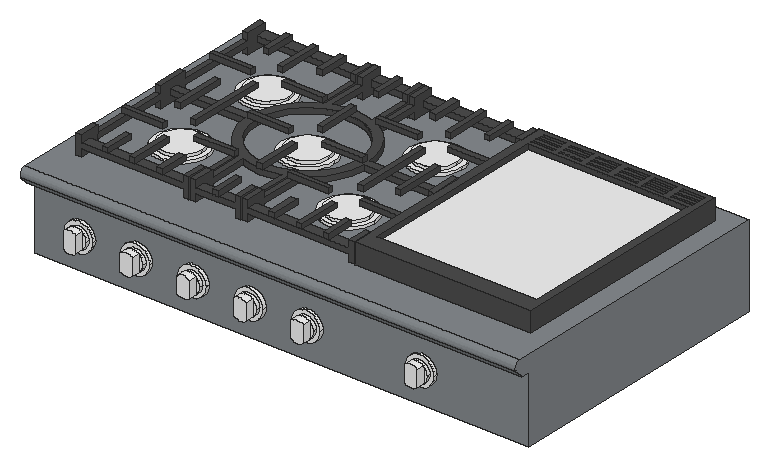
Revit family "DCS_SDA_Data_Sheet_CPV2-485_Cooktop_ISSUE1 METRIC", category Specialty Equipment, Revit 2015
Parameters
  URL = "www.yepsketch.com"
  Model = "DCS_SDA_Data_Sheet_CPV2-485_Cooktop_ISSUE1"
  Manufacturer = "Fisher & Paykel"
  Description = "D20 20000"
  Author = "Yepsketch"
Reference planes (m)
  plane 1 "Center (Front/Back)": y = 0
  plane 2: z = 0
  plane 3 "Center (Left/Right)": x = 0
  plane 4: x = 1.216025
  plane 5: y = 0.714375
  plane 6: z = 0.2032
  plane 7: z = 0.252413
Forms (m)
  Extrusion 1, solid, material "gray"
    sketch origin (0, 0, 0) x (1, 0, 0) y (0, 1, 0)
      loop
        line (0, 0.714375) -> (0, 0.041275) -> (1.216025, 0.041275) -> (1.216025, 0.714375) -> (0, 0.714375)
    from 0 to 0.2032
  Extrusion 2, solid, material "gray"
    sketch origin (0, 0.041275, 0) x (0, 1, 0) y (0, 0, 1)
      loop
        line (0, 0.2032) -> (-0.028575, 0.2032)
        arc (-0.028575, 0.2032) -> (-0.041275, 0.195868) -> (-0.041275, 0.181203) r 0.014665
        line (-0.041275, 0.181203) -> (-0.021999, 0.161927) -> (0, 0.161927) -> (0, 0.2032)
    from 0 to 1.216025
  Extrusion 3, solid, material "black"
    sketch origin (0, 0, 0) x (1, 0, 0) y (0, 1, 0)
      loop
        line (0.735753, 0.671793) -> (0.735753, 0.106643) -> (1.167553, 0.106643) -> (1.167553, 0.671793) -> (0.735753, 0.671793)
      loop
        line (0.755356, 0.613251) -> (0.755356, 0.149701) -> (1.149056, 0.149701) -> (1.149056, 0.613251) -> (0.755356, 0.613251)
      loop
        line (0.755356, 0.660843) -> (0.755356, 0.652282) -> (0.809873, 0.652282) -> (0.809873, 0.660843) -> (0.755356, 0.660843)
      loop
        line (0.755356, 0.645293) -> (0.755356, 0.637431) -> (0.809873, 0.637431) -> (0.809873, 0.645293) -> (0.755356, 0.645293)
      loop
        line (0.755356, 0.630093) -> (0.755356, 0.622406) -> (0.809873, 0.622406) -> (0.809873, 0.630093) -> (0.755356, 0.630093)
      loop
        line (0.891693, 0.660843) -> (0.891693, 0.652282) -> (0.94621, 0.652282) -> (0.94621, 0.660843) -> (0.891693, 0.660843)
      loop
        line (0.891693, 0.645293) -> (0.891693, 0.637431) -> (0.94621, 0.637431) -> (0.94621, 0.645293) -> (0.891693, 0.645293)
      loop
        line (0.891693, 0.630093) -> (0.891693, 0.622406) -> (0.94621, 0.622406) -> (0.94621, 0.630093) -> (0.891693, 0.630093)
      loop
        line (0.961543, 0.660843) -> (0.961543, 0.652282) -> (1.01606, 0.652282) -> (1.01606, 0.660843) -> (0.961543, 0.660843)
      loop
        line (0.961543, 0.645293) -> (0.961543, 0.637431) -> (1.01606, 0.637431) -> (1.01606, 0.645293) -> (0.961543, 0.645293)
      loop
        line (0.961543, 0.630093) -> (0.961543, 0.622406) -> (1.01606, 0.622406) -> (1.01606, 0.630093) -> (0.961543, 0.630093)
      loop
        line (1.028318, 0.660843) -> (1.028318, 0.652282) -> (1.082835, 0.652282) -> (1.082835, 0.660843) -> (1.028318, 0.660843)
      loop
        line (1.028318, 0.645293) -> (1.028318, 0.637431) -> (1.082835, 0.637431) -> (1.082835, 0.645293) -> (1.028318, 0.645293)
      loop
        line (1.028318, 0.630093) -> (1.028318, 0.622406) -> (1.082835, 0.622406) -> (1.082835, 0.630093) -> (1.028318, 0.630093)
      loop
        line (1.098168, 0.660843) -> (1.098168, 0.652282) -> (1.152685, 0.652282) -> (1.152685, 0.660843) -> (1.098168, 0.660843)
      loop
        line (1.098168, 0.645293) -> (1.098168, 0.637431) -> (1.152685, 0.637431) -> (1.152685, 0.645293) -> (1.098168, 0.645293)
      loop
        line (1.098168, 0.630093) -> (1.098168, 0.622406) -> (1.152685, 0.622406) -> (1.152685, 0.630093) -> (1.098168, 0.630093)
      loop
        line (0.823619, 0.660843) -> (0.823619, 0.652282) -> (0.878136, 0.652282) -> (0.878136, 0.660843) -> (0.823619, 0.660843)
      loop
        line (0.823619, 0.645293) -> (0.823619, 0.637431) -> (0.878136, 0.637431) -> (0.878136, 0.645293) -> (0.823619, 0.645293)
      loop
        line (0.823619, 0.630093) -> (0.823619, 0.622406) -> (0.878136, 0.622406) -> (0.878136, 0.630093) -> (0.823619, 0.630093)
    from 0.2032 to 0.252412
  Extrusion 4, solid, material "Aluminium"
    sketch origin (0, 0, 0) x (1, 0, 0) y (0, 1, 0)
      loop
        line (0.755356, 0.613251) -> (0.755356, 0.149701) -> (1.149056, 0.149701) -> (1.149056, 0.613251) -> (0.755356, 0.613251)
    from 0.2032 to 0.2413
  Extrusion 5, solid, material "black"
    sketch origin (0, 0, 0) x (1, 0, 0) y (0, 1, 0)
      loop
        line (0.050557, 0.670177) -> (0.050557, 0.619377) -> (0.063257, 0.619377) -> (0.063257, 0.670177) -> (0.050557, 0.670177)
      loop
        line (0.050557, 0.42525) -> (0.050557, 0.349621) -> (0.063257, 0.349621) -> (0.063257, 0.42525) -> (0.050557, 0.42525)
      loop
        line (0.050557, 0.156661) -> (0.050557, 0.106478) -> (0.063257, 0.106478) -> (0.063257, 0.156661) -> (0.050557, 0.156661)
      loop
        line (0.315616, 0.670177) -> (0.315616, 0.619377) -> (0.328316, 0.619377) -> (0.328316, 0.670177) -> (0.315616, 0.670177)
      loop
        line (0.315616, 0.156661) -> (0.315616, 0.106478) -> (0.328316, 0.106478) -> (0.328316, 0.156661) -> (0.315616, 0.156661)
      loop
        line (0.332498, 0.670177) -> (0.332498, 0.619377) -> (0.345198, 0.619377) -> (0.345198, 0.670177) -> (0.332498, 0.670177)
      loop
        line (0.332498, 0.156661) -> (0.332498, 0.106478) -> (0.345198, 0.106478) -> (0.345198, 0.156661) -> (0.332498, 0.156661)
      loop
        line (0.442393, 0.670177) -> (0.442393, 0.619377) -> (0.455093, 0.619377) -> (0.455093, 0.670177) -> (0.442393, 0.670177)
      loop
        line (0.442393, 0.156661) -> (0.442393, 0.106478) -> (0.455093, 0.106478) -> (0.455093, 0.156661) -> (0.442393, 0.156661)
      loop
        line (0.459244, 0.670177) -> (0.459244, 0.619377) -> (0.471944, 0.619377) -> (0.471944, 0.670177) -> (0.459244, 0.670177)
      loop
        line (0.459244, 0.156661) -> (0.459244, 0.106478) -> (0.471944, 0.106478) -> (0.471944, 0.156661) -> (0.459244, 0.156661)
      loop
        line (0.721627, 0.670177) -> (0.721627, 0.619377) -> (0.734327, 0.619377) -> (0.734327, 0.670177) -> (0.721627, 0.670177)
      loop
        line (0.721627, 0.42525) -> (0.721627, 0.349621) -> (0.734327, 0.349621) -> (0.734327, 0.42525) -> (0.721627, 0.42525)
      loop
        line (0.721627, 0.156661) -> (0.721627, 0.106478) -> (0.734327, 0.106478) -> (0.734327, 0.156661) -> (0.721627, 0.156661)
    from 0.2032 to 0.252413
  Extrusion 6, solid, material "black"
    sketch origin (0, 0, 0) x (1, 0, 0) y (0, 1, 0)
      loop
        line (0.050557, 0.619377) -> (0.050557, 0.42525) -> (0.063257, 0.42525) -> (0.063257, 0.619377) -> (0.050557, 0.619377)
      loop
        line (0.050557, 0.349621) -> (0.050557, 0.156661) -> (0.063257, 0.156661) -> (0.063257, 0.349621) -> (0.050557, 0.349621)
      loop
        line (0.063257, 0.13157) -> (0.063257, 0.106478) -> (0.315616, 0.106478) -> (0.315616, 0.13157) -> (0.063257, 0.13157)
      loop
        line (0.328316, 0.156661) -> (0.328316, 0.257133)
        arc (0.328316, 0.257133) -> (0.330436, 0.256082) -> (0.332573, 0.255066) r 0.14605
        line (0.332573, 0.255066) -> (0.332573, 0.156661) -> (0.345198, 0.156661) -> (0.345198, 0.24989)
        arc (0.345198, 0.24989) -> (0.39377, 0.241417) -> (0.442393, 0.249589) r 0.14605
        line (0.442393, 0.249589) -> (0.442393, 0.156661) -> (0.455093, 0.156661) -> (0.455093, 0.254705)
        arc (0.455093, 0.254705) -> (0.457176, 0.255681) -> (0.459244, 0.256689) r 0.14605
        line (0.459244, 0.256689) -> (0.459244, 0.156661) -> (0.471944, 0.156661) -> (0.471944, 0.263814)
        arc (0.471944, 0.263814) -> (0.519682, 0.312696) -> (0.539962, 0.377942) r 0.14605
        line (0.539962, 0.377942) -> (0.721627, 0.377942) -> (0.721627, 0.396992) -> (0.539962, 0.396992)
        arc (0.539962, 0.396992) -> (0.519682, 0.462237) -> (0.471944, 0.511119) r 0.14605
        line (0.471944, 0.511119) -> (0.471944, 0.619377) -> (0.459244, 0.619377) -> (0.459244, 0.518244)
        arc (0.459244, 0.518244) -> (0.457176, 0.519252) -> (0.455093, 0.520228) r 0.14605
        line (0.455093, 0.520228) -> (0.455093, 0.619377) -> (0.442393, 0.619377) -> (0.442393, 0.525344)
        arc (0.442393, 0.525344) -> (0.39377, 0.533516) -> (0.345198, 0.525043) r 0.14605
        line (0.345198, 0.525043) -> (0.345198, 0.619377) -> (0.332498, 0.619377) -> (0.332498, 0.519832)
        arc (0.332498, 0.519832) -> (0.330399, 0.518833) -> (0.328316, 0.5178) r 0.14605
        line (0.328316, 0.5178) -> (0.328316, 0.619377) -> (0.315616, 0.619377) -> (0.315616, 0.510558)
        arc (0.315616, 0.510558) -> (0.268497, 0.461787) -> (0.248484, 0.396992) r 0.14605
        line (0.248484, 0.396992) -> (0.063257, 0.396992) -> (0.063257, 0.377942) -> (0.248484, 0.377942)
        arc (0.248484, 0.377942) -> (0.268497, 0.313146) -> (0.315616, 0.264375) r 0.14605
        line (0.315616, 0.264375) -> (0.315616, 0.156661) -> (0.328316, 0.156661)
      loop
        line (0.063257, 0.670177) -> (0.063257, 0.644777) -> (0.315616, 0.644777) -> (0.315616, 0.670177) -> (0.063257, 0.670177)
      loop
        line (0.345198, 0.670177) -> (0.345198, 0.644777) -> (0.442393, 0.644777) -> (0.442393, 0.670177) -> (0.345198, 0.670177)
      loop
        line (0.345198, 0.13157) -> (0.345198, 0.106478) -> (0.442393, 0.106478) -> (0.442393, 0.13157) -> (0.345198, 0.13157)
      loop
        line (0.471944, 0.13157) -> (0.471944, 0.106478) -> (0.721627, 0.106478) -> (0.721627, 0.13157) -> (0.471944, 0.13157)
      loop
        line (0.734327, 0.156661) -> (0.734327, 0.349621) -> (0.721627, 0.349621) -> (0.721627, 0.156661) -> (0.734327, 0.156661)
      loop
        line (0.734327, 0.42525) -> (0.734327, 0.619377) -> (0.721627, 0.619377) -> (0.721627, 0.42525) -> (0.734327, 0.42525)
      loop
        line (0.721627, 0.670177) -> (0.471944, 0.670177) -> (0.471944, 0.644777) -> (0.721627, 0.644777) -> (0.721627, 0.670177)
      loop
        circle (0.394223, 0.387467) r 0.124644
    from 0.221663 to 0.23495
  Extrusion 7, solid, material "black"
    sketch origin (0, 0, 0) x (1, 0, 0) y (0, 1, 0)
      loop
        line (0.115648, 0.670177) -> (0.115648, 0.600327) -> (0.128348, 0.600327) -> (0.128348, 0.670177) -> (0.115648, 0.670177)
      loop
        line (0.181386, 0.670177) -> (0.181386, 0.562227) -> (0.194086, 0.562227) -> (0.194086, 0.670177) -> (0.181386, 0.670177)
      loop
        line (0.247123, 0.670177) -> (0.247123, 0.600327) -> (0.262088, 0.600327) -> (0.262088, 0.670177) -> (0.247123, 0.670177)
      loop
        line (0.050557, 0.529373) -> (0.050557, 0.516673) -> (0.152157, 0.516673) -> (0.152157, 0.529373) -> (0.050557, 0.529373)
      loop
        line (0.328316, 0.529373) -> (0.226716, 0.529373) -> (0.226716, 0.516673) -> (0.328316, 0.516673) -> (0.328316, 0.529373)
      loop
        line (0.181386, 0.484413) -> (0.181386, 0.294496) -> (0.194086, 0.294496) -> (0.194086, 0.484413) -> (0.181386, 0.484413)
      loop
        line (0.116684, 0.448766) -> (0.116684, 0.328116) -> (0.129384, 0.328116) -> (0.129384, 0.448766) -> (0.116684, 0.448766)
      loop
        line (0.050557, 0.25921) -> (0.050557, 0.24651) -> (0.152157, 0.24651) -> (0.152157, 0.25921) -> (0.050557, 0.25921)
      loop
        line (0.328316, 0.257133) -> (0.228742, 0.257133) -> (0.228742, 0.24651) -> (0.328316, 0.24651) -> (0.328316, 0.257133)
      loop
        line (0.116684, 0.175536) -> (0.116684, 0.106478) -> (0.129384, 0.106478) -> (0.129384, 0.175536) -> (0.116684, 0.175536)
      loop
        line (0.181386, 0.212114) -> (0.181386, 0.106478) -> (0.194086, 0.106478) -> (0.194086, 0.212114) -> (0.181386, 0.212114)
      loop
        line (0.248667, 0.175536) -> (0.248667, 0.106478) -> (0.264111, 0.106478) -> (0.264111, 0.175536) -> (0.248667, 0.175536)
      loop
        line (0.671891, 0.670177) -> (0.659191, 0.670177) -> (0.659191, 0.600327) -> (0.671891, 0.600327) -> (0.671891, 0.670177)
      loop
        line (0.606154, 0.670177) -> (0.593454, 0.670177) -> (0.593454, 0.562227) -> (0.606154, 0.562227) -> (0.606154, 0.670177)
      loop
        line (0.540416, 0.670177) -> (0.525452, 0.670177) -> (0.525452, 0.600327) -> (0.540416, 0.600327) -> (0.540416, 0.670177)
      loop
        line (0.736982, 0.529373) -> (0.635382, 0.529373) -> (0.635382, 0.516673) -> (0.736982, 0.516673) -> (0.736982, 0.529373)
      loop
        line (0.459223, 0.529373) -> (0.459223, 0.516673) -> (0.560823, 0.516673) -> (0.560823, 0.529373) -> (0.459223, 0.529373)
      loop
        line (0.606154, 0.484413) -> (0.593454, 0.484413) -> (0.593454, 0.294496) -> (0.606154, 0.294496) -> (0.606154, 0.484413)
      loop
        line (0.670855, 0.448766) -> (0.658155, 0.448766) -> (0.658155, 0.328116) -> (0.670855, 0.328116) -> (0.670855, 0.448766)
      loop
        line (0.736982, 0.25921) -> (0.635382, 0.25921) -> (0.635382, 0.24651) -> (0.736982, 0.24651) -> (0.736982, 0.25921)
      loop
        line (0.459223, 0.257133) -> (0.459223, 0.24651) -> (0.558797, 0.24651) -> (0.558797, 0.257133) -> (0.459223, 0.257133)
      loop
        line (0.670855, 0.175536) -> (0.658155, 0.175536) -> (0.658155, 0.106478) -> (0.670855, 0.106478) -> (0.670855, 0.175536)
      loop
        line (0.606154, 0.212114) -> (0.593454, 0.212114) -> (0.593454, 0.106478) -> (0.606154, 0.106478) -> (0.606154, 0.212114)
      loop
        line (0.538872, 0.175536) -> (0.523429, 0.175536) -> (0.523429, 0.106478) -> (0.538872, 0.106478) -> (0.538872, 0.175536)
      loop
        line (0.386499, 0.670177) -> (0.386499, 0.600327) -> (0.399977, 0.600327) -> (0.399977, 0.670177) -> (0.386499, 0.670177)
      loop
        line (0.387254, 0.175536) -> (0.387254, 0.106478) -> (0.399977, 0.106478) -> (0.399977, 0.175536) -> (0.387254, 0.175536)
      loop
        line (0.387254, 0.346764) -> (0.387254, 0.24153) -> (0.399977, 0.24153) -> (0.399977, 0.346764) -> (0.387254, 0.346764)
      loop
        line (0.399977, 0.427341) -> (0.399977, 0.529373) -> (0.387254, 0.529373) -> (0.387254, 0.427341) -> (0.399977, 0.427341)
      loop
        line (0.353311, 0.393588) -> (0.251711, 0.393588) -> (0.251711, 0.380888) -> (0.353311, 0.380888) -> (0.353311, 0.393588)
      loop
        line (0.43392, 0.393588) -> (0.43392, 0.380888) -> (0.53552, 0.380888) -> (0.53552, 0.393588) -> (0.43392, 0.393588)
    from 0.23495 to 0.24765
  Extrusion 8, solid, material "Aluminium"
    sketch origin (0, 0, 0) x (1, 0, 0) y (0, 1, 0)
      loop
        circle (0.189437, 0.523023) r 0.0635
    from 0.2032 to 0.20955
  Extrusion 9, solid, material "Aluminium"
    sketch origin (0, 0, 0) x (1, 0, 0) y (0, 1, 0)
      loop
        circle (0.189437, 0.523023) r 0.0508
    from 0.20955 to 0.2159
  Extrusion 10, solid, material "Aluminium"
    sketch origin (0, -0.267731, 0) x (1, 0, 0) y (0, 1, 0)
      loop
        circle (0.189437, 0.523023) r 0.0635
    from 0.2032 to 0.20955
  Extrusion 11, solid, material "Aluminium"
    sketch origin (0, -0.267731, 0) x (1, 0, 0) y (0, 1, 0)
      loop
        circle (0.189437, 0.523023) r 0.0508
    from 0.20955 to 0.2159
  Extrusion 12, solid, material "Aluminium"
    sketch origin (0.20588, -0.134887, 0) x (1, 0, 0) y (0, 1, 0)
      loop
        circle (0.189437, 0.523023) r 0.0635
    from 0.2032 to 0.20955
  Extrusion 13, solid, material "Aluminium"
    sketch origin (0.20588, -0.134887, 0) x (1, 0, 0) y (0, 1, 0)
      loop
        circle (0.189437, 0.523023) r 0.0508
    from 0.20955 to 0.2159
  Extrusion 14, solid, material "Aluminium"
    sketch origin (0.412068, 0, 0) x (1, 0, 0) y (0, 1, 0)
      loop
        circle (0.189437, 0.523023) r 0.0635
    from 0.2032 to 0.20955
  Extrusion 15, solid, material "Aluminium"
    sketch origin (0.412068, 0, 0) x (1, 0, 0) y (0, 1, 0)
      loop
        circle (0.189437, 0.523023) r 0.0508
    from 0.20955 to 0.2159
  Extrusion 16, solid, material "Aluminium"
    sketch origin (0.412068, -0.267731, 0) x (1, 0, 0) y (0, 1, 0)
      loop
        circle (0.189437, 0.523023) r 0.0635
    from 0.2032 to 0.20955
  Extrusion 17, solid, material "Aluminium"
    sketch origin (0.412068, -0.267731, 0) x (1, 0, 0) y (0, 1, 0)
      loop
        circle (0.189437, 0.523023) r 0.0508
    from 0.20955 to 0.2159
  Extrusion 18, solid, material "Aluminium"
    sketch origin (0, 0, 0) x (1, 0, 0) y (0, 0, 1)
      loop
        circle (0.114799, 0.077459) r 0.035092
    from -0.041275 to -0.033261
  Extrusion 19, solid, material "Aluminium"
    sketch origin (0, 0, 0) x (1, 0, 0) y (0, 0, 1)
      loop
        circle (0.114799, 0.077459) r 0.0254
    from -0.033261 to -0.0254
  Extrusion 20, solid, material "Aluminium"
    sketch origin (0, 0, 0) x (1, 0, 0) y (0, 0, 1)
      loop
        line (0.099236, 0.097534) -> (0.099236, 0.057385)
        arc (0.099236, 0.057385) -> (0.114799, 0.052059) -> (0.130361, 0.057385) r 0.0254
        line (0.130361, 0.057385) -> (0.130361, 0.097534)
        arc (0.130361, 0.097534) -> (0.114799, 0.102859) -> (0.099236, 0.097534) r 0.0254
    from -0.0254 to -0.00635
  Extrusion 21, solid, material "Aluminium"
    sketch origin (0.1397, 0, 0) x (1, 0, 0) y (0, 0, 1)
      loop
        circle (0.114799, 0.077459) r 0.035092
    from -0.041275 to -0.033261
  Extrusion 22, solid, material "Aluminium"
    sketch origin (0.1397, 0, 0) x (1, 0, 0) y (0, 0, 1)
      loop
        circle (0.114799, 0.077459) r 0.0254
    from -0.033261 to -0.0254
  Extrusion 23, solid, material "Aluminium"
    sketch origin (0.1397, 0, 0) x (1, 0, 0) y (0, 0, 1)
      loop
        line (0.099236, 0.097534) -> (0.099236, 0.057385)
        arc (0.099236, 0.057385) -> (0.114799, 0.052059) -> (0.130361, 0.057385) r 0.0254
        line (0.130361, 0.057385) -> (0.130361, 0.097534)
        arc (0.130361, 0.097534) -> (0.114799, 0.102859) -> (0.099236, 0.097534) r 0.0254
    from -0.0254 to -0.00635
  Extrusion 24, solid, material "Aluminium"
    sketch origin (0.2794, 0, 0) x (1, 0, 0) y (0, 0, 1)
      loop
        circle (0.114799, 0.077459) r 0.035092
    from -0.041275 to -0.033261
  Extrusion 25, solid, material "Aluminium"
    sketch origin (0.2794, 0, 0) x (1, 0, 0) y (0, 0, 1)
      loop
        circle (0.114799, 0.077459) r 0.0254
    from -0.033261 to -0.0254
  Extrusion 26, solid, material "Aluminium"
    sketch origin (0.2794, 0, 0) x (1, 0, 0) y (0, 0, 1)
      loop
        line (0.099236, 0.097534) -> (0.099236, 0.057385)
        arc (0.099236, 0.057385) -> (0.114799, 0.052059) -> (0.130361, 0.057385) r 0.0254
        line (0.130361, 0.057385) -> (0.130361, 0.097534)
        arc (0.130361, 0.097534) -> (0.114799, 0.102859) -> (0.099236, 0.097534) r 0.0254
    from -0.0254 to -0.00635
  Extrusion 27, solid, material "Aluminium"
    sketch origin (0.4191, 0, 0) x (1, 0, 0) y (0, 0, 1)
      loop
        circle (0.114799, 0.077459) r 0.035092
    from -0.041275 to -0.033261
  Extrusion 28, solid, material "Aluminium"
    sketch origin (0.4191, 0, 0) x (1, 0, 0) y (0, 0, 1)
      loop
        circle (0.114799, 0.077459) r 0.0254
    from -0.033261 to -0.0254
  Extrusion 29, solid, material "Aluminium"
    sketch origin (0.4191, 0, 0) x (1, 0, 0) y (0, 0, 1)
      loop
        line (0.099236, 0.097534) -> (0.099236, 0.057385)
        arc (0.099236, 0.057385) -> (0.114799, 0.052059) -> (0.130361, 0.057385) r 0.0254
        line (0.130361, 0.057385) -> (0.130361, 0.097534)
        arc (0.130361, 0.097534) -> (0.114799, 0.102859) -> (0.099236, 0.097534) r 0.0254
    from -0.0254 to -0.00635
  Extrusion 30, solid, material "Aluminium"
    sketch origin (0.5588, 0, 0) x (1, 0, 0) y (0, 0, 1)
      loop
        circle (0.114799, 0.077459) r 0.035092
    from -0.041275 to -0.033261
  Extrusion 31, solid, material "Aluminium"
    sketch origin (0.5588, 0, 0) x (1, 0, 0) y (0, 0, 1)
      loop
        circle (0.114799, 0.077459) r 0.0254
    from -0.033261 to -0.0254
  Extrusion 32, solid, material "Aluminium"
    sketch origin (0.5588, 0, 0) x (1, 0, 0) y (0, 0, 1)
      loop
        line (0.099236, 0.097534) -> (0.099236, 0.057385)
        arc (0.099236, 0.057385) -> (0.114799, 0.052059) -> (0.130361, 0.057385) r 0.0254
        line (0.130361, 0.057385) -> (0.130361, 0.097534)
        arc (0.130361, 0.097534) -> (0.114799, 0.102859) -> (0.099236, 0.097534) r 0.0254
    from -0.0254 to -0.00635
  Extrusion 33, solid, material "Aluminium"
    sketch origin (0.8382, 0, 0) x (1, 0, 0) y (0, 0, 1)
      loop
        circle (0.114799, 0.077459) r 0.035092
    from -0.041275 to -0.033261
  Extrusion 34, solid, material "Aluminium"
    sketch origin (0.8382, 0, 0) x (1, 0, 0) y (0, 0, 1)
      loop
        circle (0.114799, 0.077459) r 0.0254
    from -0.033261 to -0.0254
  Extrusion 35, solid, material "Aluminium"
    sketch origin (0.8382, 0, 0) x (1, 0, 0) y (0, 0, 1)
      loop
        line (0.099236, 0.097534) -> (0.099236, 0.057385)
        arc (0.099236, 0.057385) -> (0.114799, 0.052059) -> (0.130361, 0.057385) r 0.0254
        line (0.130361, 0.057385) -> (0.130361, 0.097534)
        arc (0.130361, 0.097534) -> (0.114799, 0.102859) -> (0.099236, 0.097534) r 0.0254
    from -0.0254 to -0.00635
  Revolve 36, solid, material "copper"
    sketch origin (0, 0.6731, 0) x (1, 0, 0) y (0, 0, 1)
      loop
        line (0.268278, 0) -> (0.268278, -0.0762) -> (0.272003, -0.0762) -> (0.272003, -0.016659) -> (0.278353, -0.016659) -> (0.278353, 0) -> (0.268278, 0)
      axis (0.268278, 0) -> (0.268278, -0.0762)
    angle from 0 to 360
  Revolve 37, solid, material "copper"
    sketch origin (0, 0.6731, 0) x (1, 0, 0) y (0, 0, 1)
      loop
        line (0.079639, 0) -> (0.079639, -0.122712) -> (0.098689, -0.122712) -> (0.098689, -0.028609) -> (0.092339, -0.028609) -> (0.092339, 0) -> (0.079639, 0)
      axis (0.079639, 0) -> (0.079639, -0.122712)
    angle from 0 to 360
  Extrusion 38, solid, material "copper"
    sketch origin (0, 0.6731, 0) x (1, 0, 0) y (0, 0, 1)
      loop
        line (0.045657, -0.039777) -> (0.045657, -0.115977) -> (0.115507, -0.115977) -> (0.115507, -0.039777) -> (0.045657, -0.039777)
    from -0.0254 to 0.0254
  Blend 39, solid, material "copper"
    base sketch origin (0, 0.6731, 0) x (1, 0, 0) y (0, 0, 1)
      loop
        circle (0.081063, -0.078427) r 0.029132
    top sketch origin (0, 0, 0) x (1, 0, 0) y (0, 0, 1)
      loop
        circle (0.081063, -0.078427) r 0.0254
    from 0.0254 to -0.64135
  Extrusion 40, solid, material "copper"
    sketch origin (0, 0.6731, 0) x (1, 0, 0) y (0, 0, 1)
      loop
        circle (0.080955, -0.078094) r 0.0127
    from 0.03175 to 0.04445
Cuts and joins
  joined: Extrusion 1, Extrusion 2
  joined: Extrusion 5, Extrusion 6
  joined: Extrusion 18, Extrusion 19, Extrusion 20, Extrusion 21, Extrusion 22, Extrusion 23, Extrusion 24, Extrusion 25, Extrusion 26, Extrusion 27, Extrusion 28, Extrusion 29, Extrusion 30, Extrusion 31, Extrusion 32, Extrusion 33, Extrusion 34, Extrusion 35
Dimensions and locks (m)
  aligned and locked: level to plane 2
